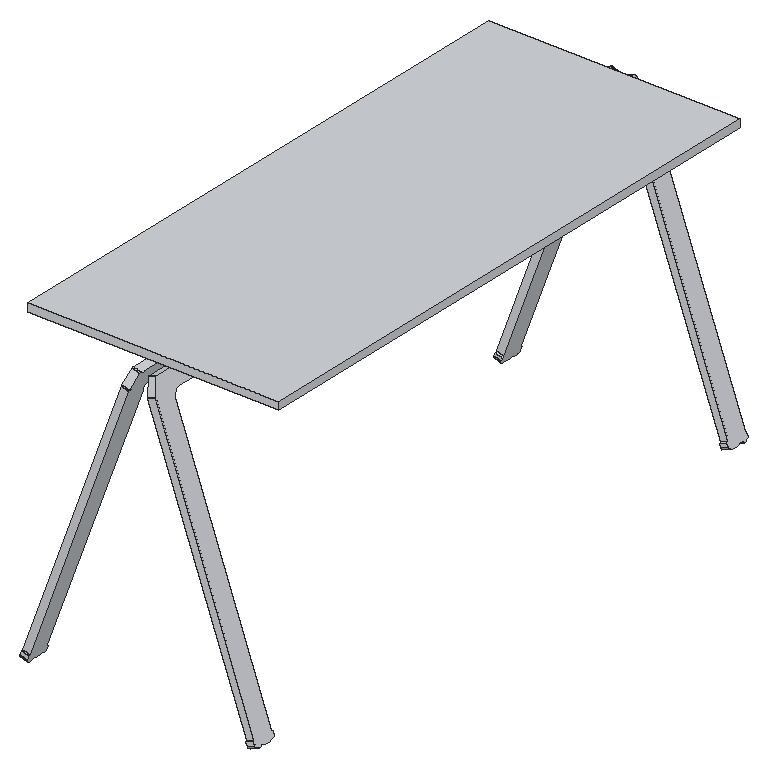
Revit family "Yuno_020118", category Furniture, Revit 2016
Family settings
  OmniClass Number = 23.40.20.00
  OmniClass Title = General Furniture and Specialties
  Work Plane-Based = No
  Always vertical = Yes
  Cut with Voids When Loaded = No
  Shared = No
  Room Calculation Point = No
Parameters (values of type "Yuno TT1")
  URL = "http://bernhardtdesign.com/product/yuno/"
  Type Width = 1
  Type Power = 0
  Type Depth = 1
  Top Width = if(Type Width = 1, 4' 7", 5' 3")  # 4' - 7"
  Top Depth = if(Type Depth = 1, 2' 0", 2' 6")  # 2' - 0"
  Tabletop Finish [instance] = none
  Single Power Module = if(Type Power = 1, 1 = 1, 1 = 2)  # no
  SKU = "Yuno TT1"
  Module Offset = 0' - 3 3/8"  # constant formula
  Model = "Yuno"
  Manufacturer = "Bernhardt Design"  # constant formula
  Legs Outside Width = if(Type Width = 1, 2' 5 3/4", 2' 9 3/4")  # 2' - 5 3/4"
  Frame Inside Width = if(Type Width = 1, 2' 1 1/4", 2' 5 1/4")  # 2' - 1 1/4"
  Frame Finish [instance] = none
  Double Power/USB Module = if(Type Power = 2, 1 = 1, 1 = 2)  # no
  Copyright © = "Copyright © Bernhardt Design"  # constant formula
  Catalog [instance] = SKU  # "Yuno TT1"
  Beam Width = Frame Inside Width - 0' 0 7/8"  # 2' - 0 3/8"
  Authoring Version = "Autodesk Revit 2016"  # constant formula
Types (21): name | Type Width | Type Power | Type Depth | Top Width | Top Depth | Single Power Module | SKU | Legs Outside Width | Frame Inside Width | Double Power/USB Module | Catalog | Beam Width
  (no name) | 1 | 0 | 1 | 4' - 7" | 2' - 0" | no | "Yuno TT1" | 2' - 5 3/4" | 2' - 1 1/4" | no | "Yuno TT1" | 2' - 0 3/8"
  Yuno TT1 | 1 | 0 | 1 | 4' - 7" | 2' - 0" | no | "Yuno TT1" | 2' - 5 3/4" | 2' - 1 1/4" | no | "Yuno TT1" | 2' - 0 3/8"
  Yuno TT2 | 2 | 0 | 1 | 5' - 3" | 2' - 0" | no | "Yuno TT2" | 2' - 9 3/4" | 2' - 5 1/4" | no | "Yuno TT2" | 2' - 4 3/8"
  Yuno TT3 | 1 | 0 | 2 | 4' - 7" | 2' - 6" | no | "Yuno TT3" | 2' - 5 3/4" | 2' - 1 1/4" | no | "Yuno TT3" | 2' - 0 3/8"
  Yuno TT4 | 2 | 0 | 2 | 5' - 3" | 2' - 6" | no | "Yuno TT4" | 2' - 9 3/4" | 2' - 5 1/4" | no | "Yuno TT4" | 2' - 4 3/8"
  Yuno AT1 | 1 | 1 | 1 | 4' - 7" | 2' - 0" | yes | "Yuno AT1" | 2' - 5 3/4" | 2' - 1 1/4" | no | "Yuno AT1" | 2' - 0 3/8"
  Yuno AT2 | 2 | 1 | 1 | 5' - 3" | 2' - 0" | yes | "Yuno AT2" | 2' - 9 3/4" | 2' - 5 1/4" | no | "Yuno AT2" | 2' - 4 3/8"
  Yuno AT3 | 1 | 1 | 2 | 4' - 7" | 2' - 6" | yes | "Yuno AT3" | 2' - 5 3/4" | 2' - 1 1/4" | no | "Yuno AT3" | 2' - 0 3/8"
  Yuno AT4 | 2 | 1 | 2 | 5' - 3" | 2' - 6" | yes | "Yuno AT4" | 2' - 9 3/4" | 2' - 5 1/4" | no | "Yuno AT4" | 2' - 4 3/8"
  Yuno BT1 | 1 | 1 | 1 | 4' - 7" | 2' - 0" | yes | "Yuno BT1" | 2' - 5 3/4" | 2' - 1 1/4" | no | "Yuno BT1" | 2' - 0 3/8"
  Yuno BT2 | 2 | 1 | 1 | 5' - 3" | 2' - 0" | yes | "Yuno BT2" | 2' - 9 3/4" | 2' - 5 1/4" | no | "Yuno BT2" | 2' - 4 3/8"
  Yuno BT3 | 1 | 1 | 2 | 4' - 7" | 2' - 6" | yes | "Yuno BT3" | 2' - 5 3/4" | 2' - 1 1/4" | no | "Yuno BT3" | 2' - 0 3/8"
  Yuno BT4 | 2 | 1 | 2 | 5' - 3" | 2' - 6" | yes | "Yuno BT4" | 2' - 9 3/4" | 2' - 5 1/4" | no | "Yuno BT4" | 2' - 4 3/8"
  Yuno CT1 | 1 | 2 | 1 | 4' - 7" | 2' - 0" | no | "Yuno CT1" | 2' - 5 3/4" | 2' - 1 1/4" | yes | "Yuno CT1" | 2' - 0 3/8"
  Yuno CT2 | 2 | 2 | 1 | 5' - 3" | 2' - 0" | no | "Yuno CT2" | 2' - 9 3/4" | 2' - 5 1/4" | yes | "Yuno CT2" | 2' - 4 3/8"
  Yuno CT3 | 1 | 2 | 2 | 4' - 7" | 2' - 6" | no | "Yuno CT3" | 2' - 5 3/4" | 2' - 1 1/4" | yes | "Yuno CT3" | 2' - 0 3/8"
  Yuno CT4 | 2 | 2 | 2 | 5' - 3" | 2' - 6" | no | "Yuno CT4" | 2' - 9 3/4" | 2' - 5 1/4" | yes | "Yuno CT4" | 2' - 4 3/8"
  Yuno DT1 | 1 | 2 | 1 | 4' - 7" | 2' - 0" | no | "Yuno DT1" | 2' - 5 3/4" | 2' - 1 1/4" | yes | "Yuno DT1" | 2' - 0 3/8"
  Yuno DT2 | 2 | 2 | 1 | 5' - 3" | 2' - 0" | no | "Yuno DT2" | 2' - 9 3/4" | 2' - 5 1/4" | yes | "Yuno DT2" | 2' - 4 3/8"
  Yuno DT3 | 1 | 2 | 2 | 4' - 7" | 2' - 6" | no | "Yuno DT3" | 2' - 5 3/4" | 2' - 1 1/4" | yes | "Yuno DT3" | 2' - 0 3/8"
  Yuno DT4 | 2 | 2 | 2 | 5' - 3" | 2' - 6" | no | "Yuno DT4" | 2' - 9 3/4" | 2' - 5 1/4" | yes | "Yuno DT4" | 2' - 4 3/8"
Reference planes (in)
  plane 1 "Center Front/Back": y = 0
  plane 2: z = 0
  plane 3 "Center Left/Right": x = 0
Forms (in)
  Extrusion 1, solid, material <- "Frame Finish"
    sketch origin (2.038, 0, 26.76212) x (0.34202, 0, -0.939693) y (0, -1, 0)
      loop
        line (27.94356, 29.8781) -> (27.5625, 29.8781) -> (27.4344, 29.75) -> (-0.08289, 29.75)
        arc (-0.08289, 29.75) -> (-0.11092, 29.74682) -> (-0.13753, 29.73743) r 0.125
        line (-0.13753, 29.73743) -> (-1.55463, 29.0488)
        arc (-1.55463, 29.0488) -> (-1.60596, 29.00269) -> (-1.625, 28.93638) r 0.125
        line (-1.625, 28.93638) -> (-1.625, 25.25) -> (0, 25.25) -> (0, 26.8812)
        arc (0, 26.8812) -> (0.25628, 27.49992) -> (0.875, 27.7562) r 0.875
        line (0.875, 27.7562) -> (27.4344, 27.7562) -> (27.5625, 27.6281) -> (27.94356, 27.6281)
        arc (27.94356, 27.6281) -> (28.03194, 27.66471) -> (28.06856, 27.7531) r 0.125
        line (28.06856, 27.7531) -> (28.06856, 27.80951)
        arc (28.06856, 27.80951) -> (28.20482, 28.37201) -> (28.06856, 28.93451) r 1.2291
        line (28.06856, 28.93451) -> (28.06856, 29.19852)
        arc (28.06856, 29.19852) -> (28.20667, 29.44852) -> (28.06856, 29.69852) r 0.29531
        line (28.06856, 29.69852) -> (28.06856, 29.7531)
        arc (28.06856, 29.7531) -> (28.03194, 29.84149) -> (27.94356, 29.8781) r 0.125
    from 0 to 0.75
  Extrusion 2, solid, material <- "Frame Finish"
    sketch origin (0.4375, -25.25, 35.73483) x (0, 0, -1) y (1, 0, 0)
      loop
        line (7.35983, -8.6928) -> (7.62897, -8.6928)
        arc (7.62897, -8.6928) -> (7.70975, -8.66319) -> (7.75226, -8.58838) r 0.125
        line (7.75226, -8.58838) -> (8.85983, -1.95318) -> (8.85983, 1.95771) -> (7.75227, 8.5884)
        arc (7.75227, 8.5884) -> (7.70976, 8.66319) -> (7.62898, 8.6928) r 0.125
        line (7.62898, 8.6928) -> (7.35983, 8.6928) -> (7.35983, -8.6928)
    from 0 to -0.875
  Extrusion 3, solid, material <- "Tabletop Finish"
    sketch origin (0, -29.50764, 29.125) x (1, 0, 0) y (0, -1, 0)
      loop
        line (-12, -57.00764) -> (12, -57.00764) -> (12, -2.00764) -> (-12, -2.00764) -> (-12, -57.00764)
    from 0 to 0.75
  Extrusion 4, solid, material <- "Frame Finish"
    sketch origin (-0.4375, 25.25, 35.73483) x (0, 0, -1) y (1, 0, 0)
      loop
        line (7.35983, -8.6928) -> (7.62897, -8.6928)
        arc (7.62897, -8.6928) -> (7.70975, -8.66319) -> (7.75226, -8.58838) r 0.125
        line (7.75226, -8.58838) -> (8.85983, -1.95318) -> (8.85983, 1.95771) -> (7.75227, 8.5884)
        arc (7.75227, 8.5884) -> (7.70976, 8.66319) -> (7.62898, 8.6928) r 0.125
        line (7.62898, 8.6928) -> (7.35983, 8.6928) -> (7.35983, -8.6928)
    from 0 to 0.875
  Extrusion 5, solid, material <- "Frame Finish"
    sketch origin (1.24653, 0, 26.74382) x (0.34202, 0, -0.939693) y (0, -1, 0)
      loop
        arc (27.92408, -29.8781) -> (28.01247, -29.84149) -> (28.04908, -29.7531) r 0.125
        line (28.04908, -29.7531) -> (28.04908, -29.69852)
        arc (28.04908, -29.69852) -> (28.1872, -29.44852) -> (28.04908, -29.19852) r 0.29531
        line (28.04908, -29.19852) -> (28.04908, -28.93451)
        arc (28.04908, -28.93451) -> (28.18535, -28.37201) -> (28.04908, -27.80951) r 1.2291
        line (28.04908, -27.80951) -> (28.04908, -27.7531)
        arc (28.04908, -27.7531) -> (28.01247, -27.66471) -> (27.92408, -27.6281) r 0.125
        line (27.92408, -27.6281) -> (27.54303, -27.6281) -> (27.41493, -27.7562) -> (0.85553, -27.7562)
        arc (0.85553, -27.7562) -> (0.23681, -27.49992) -> (-0.01947, -26.8812) r 0.875
        line (-0.01947, -26.8812) -> (-0.01947, -25.25) -> (-1.64447, -25.25) -> (-1.64447, -28.93638)
        arc (-1.64447, -28.93638) -> (-1.62543, -29.00269) -> (-1.5741, -29.0488) r 0.125
        line (-1.5741, -29.0488) -> (-0.157, -29.73743)
        arc (-0.157, -29.73743) -> (-0.1304, -29.74682) -> (-0.10237, -29.75) r 0.125
        line (-0.10237, -29.75) -> (27.41493, -29.75) -> (27.54303, -29.8781) -> (27.92408, -29.8781)
    from 0 to 0.75
  Extrusion 6, solid, material <- "Frame Finish"
    sketch origin (-0.53666, 0, 26.50131) x (-0.34202, 0, -0.939693) y (0, -1, 0)
      loop
        line (27.94356, 29.8781) -> (27.5625, 29.8781) -> (27.4344, 29.75) -> (-0.08289, 29.75)
        arc (-0.08289, 29.75) -> (-0.11092, 29.74682) -> (-0.13753, 29.73743) r 0.125
        line (-0.13753, 29.73743) -> (-1.55463, 29.0488)
        arc (-1.55463, 29.0488) -> (-1.60596, 29.00269) -> (-1.625, 28.93638) r 0.125
        line (-1.625, 28.93638) -> (-1.625, 25.25) -> (0, 25.25) -> (0, 26.8812)
        arc (0, 26.8812) -> (0.25628, 27.49992) -> (0.875, 27.7562) r 0.875
        line (0.875, 27.7562) -> (27.4344, 27.7562) -> (27.5625, 27.6281) -> (27.94356, 27.6281)
        arc (27.94356, 27.6281) -> (28.03194, 27.66471) -> (28.06856, 27.7531) r 0.125
        line (28.06856, 27.7531) -> (28.06856, 27.80951)
        arc (28.06856, 27.80951) -> (28.20482, 28.37201) -> (28.06856, 28.93451) r 1.2291
        line (28.06856, 28.93451) -> (28.06856, 29.19852)
        arc (28.06856, 29.19852) -> (28.20667, 29.44852) -> (28.06856, 29.69852) r 0.29531
        line (28.06856, 29.69852) -> (28.06856, 29.7531)
        arc (28.06856, 29.7531) -> (28.03194, 29.84149) -> (27.94356, 29.8781) r 0.125
    from 0 to 0.75
  Extrusion 7, solid, material <- "Frame Finish"
    sketch origin (-1.33885, 0, 26.49016) x (-0.34202, 0, -0.939693) y (0, -1, 0)
      loop
        arc (27.92408, -29.8781) -> (28.01247, -29.84149) -> (28.04908, -29.7531) r 0.125
        line (28.04908, -29.7531) -> (28.04908, -29.69852)
        arc (28.04908, -29.69852) -> (28.1872, -29.44852) -> (28.04908, -29.19852) r 0.29531
        line (28.04908, -29.19852) -> (28.04908, -28.93451)
        arc (28.04908, -28.93451) -> (28.18535, -28.37201) -> (28.04908, -27.80951) r 1.2291
        line (28.04908, -27.80951) -> (28.04908, -27.7531)
        arc (28.04908, -27.7531) -> (28.01247, -27.66471) -> (27.92408, -27.6281) r 0.125
        line (27.92408, -27.6281) -> (27.54303, -27.6281) -> (27.41493, -27.7562) -> (0.85553, -27.7562)
        arc (0.85553, -27.7562) -> (0.23681, -27.49992) -> (-0.01947, -26.8812) r 0.875
        line (-0.01947, -26.8812) -> (-0.01947, -25.25) -> (-1.64447, -25.25) -> (-1.64447, -28.93638)
        arc (-1.64447, -28.93638) -> (-1.62543, -29.00269) -> (-1.5741, -29.0488) r 0.125
        line (-1.5741, -29.0488) -> (-0.157, -29.73743)
        arc (-0.157, -29.73743) -> (-0.1304, -29.74682) -> (-0.10237, -29.75) r 0.125
        line (-0.10237, -29.75) -> (27.41493, -29.75) -> (27.54303, -29.8781) -> (27.92408, -29.8781)
    from 0 to 0.75
  Extrusion 8, solid, material <- "Frame Finish"
    sketch origin (0, 0, -3.37061) x (0, 0, 1) y (-1, 0, 0)
      loop
        arc (31.74561, 0.1875) -> (31.709, 0.27589) -> (31.62061, 0.3125) r 0.125
        line (31.62061, 0.3125) -> (30.74561, 0.3125)
        arc (30.74561, 0.3125) -> (30.65722, 0.27589) -> (30.62061, 0.1875) r 0.125
        line (30.62061, 0.1875) -> (30.62061, -0.1875)
        arc (30.62061, -0.1875) -> (30.65722, -0.27589) -> (30.74561, -0.3125) r 0.125
        line (30.74561, -0.3125) -> (31.62061, -0.3125)
        arc (31.62061, -0.3125) -> (31.709, -0.27589) -> (31.74561, -0.1875) r 0.125
        line (31.74561, -0.1875) -> (31.74561, 0.1875)
    from -24.375 to 24.375
  Extrusion 9, solid, material "Black Plasic", visible <- "Single Power Module"
    sketch origin (10.875, -20.27802, 0) x (0, 1, 0) y (0, 0, 1)
      loop
        line (18.02701, 28.375) -> (18.02701, 28.25) -> (18.54712, 28.25)
        arc (18.54712, 28.25) -> (18.62747, 28.22076) -> (18.67022, 28.14671) r 0.125
        line (18.67022, 28.14671) -> (18.87625, 26.97829)
        arc (18.87625, 26.97829) -> (18.919, 26.90424) -> (18.99935, 26.875) r 0.125
        line (18.99935, 26.875) -> (21.5567, 26.875)
        arc (21.5567, 26.875) -> (21.63705, 26.90424) -> (21.6798, 26.97829) r 0.125
        line (21.6798, 26.97829) -> (21.88582, 28.14671)
        arc (21.88582, 28.14671) -> (21.92857, 28.22076) -> (22.00892, 28.25) r 0.125
        line (22.00892, 28.25) -> (22.52701, 28.25) -> (22.52701, 28.375) -> (18.02701, 28.375)
      loop
        arc (19.12435, 28.17097) -> (19.03596, 28.13435) -> (18.99935, 28.04597) r 0.125
        line (18.99935, 28.04597) -> (18.99935, 27.16393)
        arc (18.99935, 27.16393) -> (19.03596, 27.07554) -> (19.12435, 27.03893) r 0.125
        line (19.12435, 27.03893) -> (20.00842, 27.03893)
        arc (20.00842, 27.03893) -> (20.09681, 27.07554) -> (20.13342, 27.16393) r 0.125
        line (20.13342, 27.16393) -> (20.13342, 28.04597)
        arc (20.13342, 28.04597) -> (20.09681, 28.13435) -> (20.00842, 28.17097) r 0.125
        line (20.00842, 28.17097) -> (19.12435, 28.17097)
      loop
        arc (20.54762, 28.16537) -> (20.45923, 28.12876) -> (20.42262, 28.04037) r 0.125
        line (20.42262, 28.04037) -> (20.42262, 27.15834)
        arc (20.42262, 27.15834) -> (20.45923, 27.06995) -> (20.54762, 27.03334) r 0.125
        line (20.54762, 27.03334) -> (21.4317, 27.03334)
        arc (21.4317, 27.03334) -> (21.52009, 27.06995) -> (21.5567, 27.15834) r 0.125
        line (21.5567, 27.15834) -> (21.5567, 28.04037)
        arc (21.5567, 28.04037) -> (21.52009, 28.12876) -> (21.4317, 28.16537) r 0.125
        line (21.4317, 28.16537) -> (20.54762, 28.16537)
      loop
        arc (20.00842, 27.07018) -> (20.07472, 27.09764) -> (20.10217, 27.16393) r 0.09375
        line (20.10217, 27.16393) -> (20.10217, 28.04597)
        arc (20.10217, 28.04597) -> (20.07472, 28.11226) -> (20.00842, 28.13972) r 0.09375
        line (20.00842, 28.13972) -> (19.12435, 28.13972)
        arc (19.12435, 28.13972) -> (19.05806, 28.11226) -> (19.0306, 28.04597) r 0.09375
        line (19.0306, 28.04597) -> (19.0306, 27.16393)
        arc (19.0306, 27.16393) -> (19.05806, 27.09764) -> (19.12435, 27.07018) r 0.09375
        line (19.12435, 27.07018) -> (20.00842, 27.07018)
      loop
        arc (20.45387, 27.15834) -> (20.48133, 27.09205) -> (20.54762, 27.06459) r 0.09375
        line (20.54762, 27.06459) -> (21.4317, 27.06459)
        arc (21.4317, 27.06459) -> (21.49799, 27.09205) -> (21.52545, 27.15834) r 0.09375
        line (21.52545, 27.15834) -> (21.52545, 28.04037)
        arc (21.52545, 28.04037) -> (21.49799, 28.10666) -> (21.4317, 28.13412) r 0.09375
        line (21.4317, 28.13412) -> (20.54762, 28.13412)
        arc (20.54762, 28.13412) -> (20.48133, 28.10666) -> (20.45387, 28.04037) r 0.09375
        line (20.45387, 28.04037) -> (20.45387, 27.15834)
      loop
        line (19.19031, 27.9079) -> (19.19031, 27.76539) -> (19.51597, 27.76539) -> (19.51597, 27.9079) -> (19.19031, 27.9079)
      loop
        line (19.19031, 27.44138) -> (19.19031, 27.29887) -> (19.5921, 27.29887) -> (19.5921, 27.44138) -> (19.19031, 27.44138)
      loop
        arc (19.85889, 27.70645) -> (19.75739, 27.60495) -> (19.85889, 27.50345) r 0.1015
        line (19.85889, 27.50345) -> (19.94771, 27.50345) -> (19.94771, 27.70645) -> (19.85889, 27.70645)
      loop
        line (20.61358, 27.9079) -> (20.61358, 27.76539) -> (20.93924, 27.76539) -> (20.93924, 27.9079) -> (20.61358, 27.9079)
      loop
        line (20.61358, 27.44138) -> (20.61358, 27.29887) -> (21.01537, 27.29887) -> (21.01537, 27.44138) -> (20.61358, 27.44138)
      loop
        arc (21.28217, 27.70645) -> (21.18067, 27.60495) -> (21.28217, 27.50345) r 0.1015
        line (21.28217, 27.50345) -> (21.37098, 27.50345) -> (21.37098, 27.70645) -> (21.28217, 27.70645)
    from 0 to -3.5
  Extrusion 10, solid, material "Black Plasic", visible <- "Double Power/USB Module"
    sketch origin (10.875, -42.15201, 0) x (0, 1, 0) y (0, 0, 1)
      loop
        line (18.02701, 28.375) -> (18.02701, 28.25) -> (18.54712, 28.25)
        arc (18.54712, 28.25) -> (18.62747, 28.22076) -> (18.67022, 28.14671) r 0.125
        line (18.67022, 28.14671) -> (18.87625, 26.97829)
        arc (18.87625, 26.97829) -> (18.919, 26.90424) -> (18.99935, 26.875) r 0.125
        line (18.99935, 26.875) -> (21.5567, 26.875)
        arc (21.5567, 26.875) -> (21.63705, 26.90424) -> (21.6798, 26.97829) r 0.125
        line (21.6798, 26.97829) -> (21.88582, 28.14671)
        arc (21.88582, 28.14671) -> (21.92857, 28.22076) -> (22.00892, 28.25) r 0.125
        line (22.00892, 28.25) -> (22.52701, 28.25) -> (22.52701, 28.375) -> (18.02701, 28.375)
      loop
        arc (19.12435, 28.17097) -> (19.03596, 28.13435) -> (18.99935, 28.04597) r 0.125
        line (18.99935, 28.04597) -> (18.99935, 27.16393)
        arc (18.99935, 27.16393) -> (19.03596, 27.07554) -> (19.12435, 27.03893) r 0.125
        line (19.12435, 27.03893) -> (20.00842, 27.03893)
        arc (20.00842, 27.03893) -> (20.09681, 27.07554) -> (20.13342, 27.16393) r 0.125
        line (20.13342, 27.16393) -> (20.13342, 28.04597)
        arc (20.13342, 28.04597) -> (20.09681, 28.13435) -> (20.00842, 28.17097) r 0.125
        line (20.00842, 28.17097) -> (19.12435, 28.17097)
      loop
        arc (20.54762, 28.16537) -> (20.45923, 28.12876) -> (20.42262, 28.04037) r 0.125
        line (20.42262, 28.04037) -> (20.42262, 27.15834)
        arc (20.42262, 27.15834) -> (20.45923, 27.06995) -> (20.54762, 27.03334) r 0.125
        line (20.54762, 27.03334) -> (21.4317, 27.03334)
        arc (21.4317, 27.03334) -> (21.52009, 27.06995) -> (21.5567, 27.15834) r 0.125
        line (21.5567, 27.15834) -> (21.5567, 28.04037)
        arc (21.5567, 28.04037) -> (21.52009, 28.12876) -> (21.4317, 28.16537) r 0.125
        line (21.4317, 28.16537) -> (20.54762, 28.16537)
      loop
        arc (20.00842, 27.07018) -> (20.07472, 27.09764) -> (20.10217, 27.16393) r 0.09375
        line (20.10217, 27.16393) -> (20.10217, 28.04597)
        arc (20.10217, 28.04597) -> (20.07472, 28.11226) -> (20.00842, 28.13972) r 0.09375
        line (20.00842, 28.13972) -> (19.12435, 28.13972)
        arc (19.12435, 28.13972) -> (19.05806, 28.11226) -> (19.0306, 28.04597) r 0.09375
        line (19.0306, 28.04597) -> (19.0306, 27.16393)
        arc (19.0306, 27.16393) -> (19.05806, 27.09764) -> (19.12435, 27.07018) r 0.09375
        line (19.12435, 27.07018) -> (20.00842, 27.07018)
      loop
        arc (20.45387, 27.15834) -> (20.48133, 27.09205) -> (20.54762, 27.06459) r 0.09375
        line (20.54762, 27.06459) -> (21.4317, 27.06459)
        arc (21.4317, 27.06459) -> (21.49799, 27.09205) -> (21.52545, 27.15834) r 0.09375
        line (21.52545, 27.15834) -> (21.52545, 28.04037)
        arc (21.52545, 28.04037) -> (21.49799, 28.10666) -> (21.4317, 28.13412) r 0.09375
        line (21.4317, 28.13412) -> (20.54762, 28.13412)
        arc (20.54762, 28.13412) -> (20.48133, 28.10666) -> (20.45387, 28.04037) r 0.09375
        line (20.45387, 28.04037) -> (20.45387, 27.15834)
      loop
        line (19.19031, 27.9079) -> (19.19031, 27.76539) -> (19.51597, 27.76539) -> (19.51597, 27.9079) -> (19.19031, 27.9079)
      loop
        line (19.19031, 27.44138) -> (19.19031, 27.29887) -> (19.5921, 27.29887) -> (19.5921, 27.44138) -> (19.19031, 27.44138)
      loop
        arc (19.85889, 27.70645) -> (19.75739, 27.60495) -> (19.85889, 27.50345) r 0.1015
        line (19.85889, 27.50345) -> (19.94771, 27.50345) -> (19.94771, 27.70645) -> (19.85889, 27.70645)
      loop
        arc (20.64411, 27.92595) -> (20.62201, 27.9168) -> (20.61286, 27.8947) r 0.03125
        line (20.61286, 27.8947) -> (20.61286, 27.30401)
        arc (20.61286, 27.30401) -> (20.62201, 27.28191) -> (20.64411, 27.27276) r 0.03125
        line (20.64411, 27.27276) -> (20.83446, 27.27276)
        arc (20.83446, 27.27276) -> (20.85656, 27.28191) -> (20.86571, 27.30401) r 0.03125
        line (20.86571, 27.30401) -> (20.86571, 27.8947)
        arc (20.86571, 27.8947) -> (20.85656, 27.9168) -> (20.83446, 27.92595) r 0.03125
        line (20.83446, 27.92595) -> (20.64411, 27.92595)
      loop
        arc (21.07127, 27.92595) -> (21.04918, 27.9168) -> (21.04002, 27.8947) r 0.03125
        line (21.04002, 27.8947) -> (21.04002, 27.30401)
        arc (21.04002, 27.30401) -> (21.04918, 27.28191) -> (21.07127, 27.27276) r 0.03125
        line (21.07127, 27.27276) -> (21.26163, 27.27276)
        arc (21.26163, 27.27276) -> (21.28373, 27.28191) -> (21.29288, 27.30401) r 0.03125
        line (21.29288, 27.30401) -> (21.29288, 27.8947)
        arc (21.29288, 27.8947) -> (21.28373, 27.9168) -> (21.26163, 27.92595) r 0.03125
        line (21.26163, 27.92595) -> (21.07127, 27.92595)
      loop
        line (20.65192, 27.31963) -> (20.74567, 27.31963) -> (20.74567, 27.87908) -> (20.65192, 27.87908) -> (20.65192, 27.31963)
      loop
        line (21.07909, 27.31963) -> (21.17284, 27.31963) -> (21.17284, 27.87908) -> (21.07909, 27.87908) -> (21.07909, 27.31963)
    from 0 to -3.5
  Extrusion 11, solid, material "Black Plasic", visible <- "Double Power/USB Module"
    sketch origin (10.875, -2.90201, 0) x (0, 1, 0) y (0, 0, 1)
      loop
        line (22.52701, 28.375) -> (22.52701, 28.25) -> (23.04712, 28.25)
        arc (23.04712, 28.25) -> (23.12747, 28.22076) -> (23.17022, 28.14671) r 0.125
        line (23.17022, 28.14671) -> (23.37625, 26.97829)
        arc (23.37625, 26.97829) -> (23.419, 26.90424) -> (23.49935, 26.875) r 0.125
        line (23.49935, 26.875) -> (26.0567, 26.875)
        arc (26.0567, 26.875) -> (26.13705, 26.90424) -> (26.1798, 26.97829) r 0.125
        line (26.1798, 26.97829) -> (26.38582, 28.14671)
        arc (26.38582, 28.14671) -> (26.42857, 28.22076) -> (26.50892, 28.25) r 0.125
        line (26.50892, 28.25) -> (27.02701, 28.25) -> (27.02701, 28.375) -> (22.52701, 28.375)
      loop
        arc (23.62435, 28.17097) -> (23.53596, 28.13435) -> (23.49935, 28.04597) r 0.125
        line (23.49935, 28.04597) -> (23.49935, 27.16393)
        arc (23.49935, 27.16393) -> (23.53596, 27.07554) -> (23.62435, 27.03893) r 0.125
        line (23.62435, 27.03893) -> (24.50842, 27.03893)
        arc (24.50842, 27.03893) -> (24.59681, 27.07554) -> (24.63342, 27.16393) r 0.125
        line (24.63342, 27.16393) -> (24.63342, 28.04597)
        arc (24.63342, 28.04597) -> (24.59681, 28.13435) -> (24.50842, 28.17097) r 0.125
        line (24.50842, 28.17097) -> (23.62435, 28.17097)
      loop
        arc (25.04762, 28.16537) -> (24.95923, 28.12876) -> (24.92262, 28.04037) r 0.125
        line (24.92262, 28.04037) -> (24.92262, 27.15834)
        arc (24.92262, 27.15834) -> (24.95923, 27.06995) -> (25.04762, 27.03334) r 0.125
        line (25.04762, 27.03334) -> (25.9317, 27.03334)
        arc (25.9317, 27.03334) -> (26.02009, 27.06995) -> (26.0567, 27.15834) r 0.125
        line (26.0567, 27.15834) -> (26.0567, 28.04037)
        arc (26.0567, 28.04037) -> (26.02009, 28.12876) -> (25.9317, 28.16537) r 0.125
        line (25.9317, 28.16537) -> (25.04762, 28.16537)
      loop
        arc (24.50842, 27.07018) -> (24.57472, 27.09764) -> (24.60217, 27.16393) r 0.09375
        line (24.60217, 27.16393) -> (24.60217, 28.04597)
        arc (24.60217, 28.04597) -> (24.57472, 28.11226) -> (24.50842, 28.13972) r 0.09375
        line (24.50842, 28.13972) -> (23.62435, 28.13972)
        arc (23.62435, 28.13972) -> (23.55806, 28.11226) -> (23.5306, 28.04597) r 0.09375
        line (23.5306, 28.04597) -> (23.5306, 27.16393)
        arc (23.5306, 27.16393) -> (23.55806, 27.09764) -> (23.62435, 27.07018) r 0.09375
        line (23.62435, 27.07018) -> (24.50842, 27.07018)
      loop
        arc (24.95387, 27.15834) -> (24.98133, 27.09205) -> (25.04762, 27.06459) r 0.09375
        line (25.04762, 27.06459) -> (25.9317, 27.06459)
        arc (25.9317, 27.06459) -> (25.99799, 27.09205) -> (26.02545, 27.15834) r 0.09375
        line (26.02545, 27.15834) -> (26.02545, 28.04037)
        arc (26.02545, 28.04037) -> (25.99799, 28.10666) -> (25.9317, 28.13412) r 0.09375
        line (25.9317, 28.13412) -> (25.04762, 28.13412)
        arc (25.04762, 28.13412) -> (24.98133, 28.10666) -> (24.95387, 28.04037) r 0.09375
        line (24.95387, 28.04037) -> (24.95387, 27.15834)
      loop
        line (23.69031, 27.9079) -> (23.69031, 27.76539) -> (24.01597, 27.76539) -> (24.01597, 27.9079) -> (23.69031, 27.9079)
      loop
        line (23.69031, 27.44138) -> (23.69031, 27.29887) -> (24.0921, 27.29887) -> (24.0921, 27.44138) -> (23.69031, 27.44138)
      loop
        arc (24.35889, 27.70645) -> (24.25739, 27.60495) -> (24.35889, 27.50345) r 0.1015
        line (24.35889, 27.50345) -> (24.44771, 27.50345) -> (24.44771, 27.70645) -> (24.35889, 27.70645)
      loop
        arc (25.14411, 27.92595) -> (25.12201, 27.9168) -> (25.11286, 27.8947) r 0.03125
        line (25.11286, 27.8947) -> (25.11286, 27.30401)
        arc (25.11286, 27.30401) -> (25.12201, 27.28191) -> (25.14411, 27.27276) r 0.03125
        line (25.14411, 27.27276) -> (25.33446, 27.27276)
        arc (25.33446, 27.27276) -> (25.35656, 27.28191) -> (25.36571, 27.30401) r 0.03125
        line (25.36571, 27.30401) -> (25.36571, 27.8947)
        arc (25.36571, 27.8947) -> (25.35656, 27.9168) -> (25.33446, 27.92595) r 0.03125
        line (25.33446, 27.92595) -> (25.14411, 27.92595)
      loop
        arc (25.57127, 27.92595) -> (25.54918, 27.9168) -> (25.54002, 27.8947) r 0.03125
        line (25.54002, 27.8947) -> (25.54002, 27.30401)
        arc (25.54002, 27.30401) -> (25.54918, 27.28191) -> (25.57127, 27.27276) r 0.03125
        line (25.57127, 27.27276) -> (25.76163, 27.27276)
        arc (25.76163, 27.27276) -> (25.78373, 27.28191) -> (25.79288, 27.30401) r 0.03125
        line (25.79288, 27.30401) -> (25.79288, 27.8947)
        arc (25.79288, 27.8947) -> (25.78373, 27.9168) -> (25.76163, 27.92595) r 0.03125
        line (25.76163, 27.92595) -> (25.57127, 27.92595)
      loop
        line (25.15192, 27.31963) -> (25.24567, 27.31963) -> (25.24567, 27.87908) -> (25.15192, 27.87908) -> (25.15192, 27.31963)
      loop
        line (25.57909, 27.31963) -> (25.67284, 27.31963) -> (25.67284, 27.87908) -> (25.57909, 27.87908) -> (25.57909, 27.31963)
    from 0 to -3.5
Lines and regions (in)
  reference lines
    curve 1: line (0, 0, -12.15372) -> (0, 0, 38.48281)
    curve 2: line (0, -29.50764, 29.125) -> (0, 47.41952, 29.125)
    curve 3: line (0, -25.25, 35.73483) -> (0, -25.25, -9.78154)
    curve 4: line (0, 25.25, 35.73483) -> (0, 25.25, -9.78154)
    curve 5: line (-11.6875, 0, 15.82438) -> (-11.6875, 0, -5.41667)
    curve 6: line (11.6875, 0, 18.02864) -> (11.6875, 0, -6.37853)
    curve 7: line (-0.52648, 0, 33.80797) -> (13.94047, 0, -5.93965)
    curve 8: line (-1.32461, 0, 33.80797) -> (13.14234, 0, -5.93965)
    curve 9: line (2.12274, 0, 33.80797) -> (-12.3442, 0, -5.93965)
    curve 10: line (1.32461, 0, 33.80797) -> (-13.14234, 0, -5.93965)
    curve 11: line (10.875, -34.80881, 0) -> (10.875, 35.49892, 0)
Dimensions and locks (in)
  Extrusion 1 sketch curve to Extrusion 1 sketch curve = 0' - 4 1/2"  (x2)
  Extrusion 1 sketch curve to Extrusion 1 sketch curve = 0' - 1.54211"
  Extrusion 1 sketch curve to Extrusion 1 sketch curve = 0' - 3.68638"
  Extrusion 2 sketch curve to Extrusion 2 sketch curve = 1' - 5.3856"
  Extrusion 2 sketch curve to Extrusion 2 sketch curve = 0' - 0.39244"
  Extrusion 2 sketch curve to Extrusion 2 sketch curve = 0' - 1 1/2"
  Extrusion 2 sketch curve to Extrusion 2 sketch curve = 0' - 6.7351"
  Extrusion 2 sketch curve to Extrusion 2 sketch curve = 0' - 0.26914"
  Extrusion 2 sketch curve to Extrusion 2 sketch curve = 0' - 6.73962"
  "Top Width": Extrusion 3 sketch curve to Extrusion 3 sketch curve
  "Top Depth": Extrusion 3 sketch curve to Extrusion 3 sketch curve
  equal spacing: Extrusion 3 sketch curve, plane 3 "Center Left/Right", Extrusion 3 sketch curve
  Extrusion 4 sketch curve to Extrusion 4 sketch curve = 1' - 5.3856"
  Extrusion 4 sketch curve to Extrusion 4 sketch curve = 0' - 0.39244"
  Extrusion 4 sketch curve to Extrusion 4 sketch curve = 0' - 1 1/2"
  Extrusion 4 sketch curve to Extrusion 4 sketch curve = 0' - 6.7351"
  Extrusion 4 sketch curve to Extrusion 4 sketch curve = 0' - 0.26914"
  Extrusion 4 sketch curve to Extrusion 4 sketch curve = 0' - 6.73962"
  curve 2 to level = 2' - 5 1/8"
  Extrusion 3 to Extrusion 2 = 0' - 2.8697"
  Extrusion 3 to Extrusion 4 = 0' - 2.8697"
  Extrusion 3 to Extrusion 3 = 4' - 7"
  curve 5 to curve 6 = 1' - 11 3/8"
  equal spacing: curve 5, curve 3, curve 6
  Extrusion 5 sketch curve to Extrusion 5 sketch curve = 0' - 4 1/2"  (x2)
  Extrusion 5 sketch curve to Extrusion 5 sketch curve = 0' - 1.54211"
  Extrusion 5 sketch curve to Extrusion 5 sketch curve = 0' - 3.68638"
  Extrusion 1 to Extrusion 3 = 0' - 2 1/4"
  Extrusion 3 to Extrusion 5 = 0' - 2 1/4"
  Extrusion 6 sketch curve to Extrusion 6 sketch curve = 0' - 4 1/2"  (x2)
  Extrusion 6 sketch curve to Extrusion 6 sketch curve = 0' - 1.54211"
  Extrusion 6 sketch curve to Extrusion 6 sketch curve = 0' - 3.68638"
  Extrusion 7 sketch curve to Extrusion 7 sketch curve = 0' - 4 1/2"  (x2)
  Extrusion 7 sketch curve to Extrusion 7 sketch curve = 0' - 1.54211"
  Extrusion 7 sketch curve to Extrusion 7 sketch curve = 0' - 3.68638"
  equal spacing: Extrusion 3 sketch curve, plane 1 "Center Front/Back", Extrusion 3 sketch curve
  "Legs Outside Width": Extrusion 1 to plane 1 "Center Front/Back"
  "Legs Outside Width": Extrusion 5 to plane 1 "Center Front/Back"
  "Legs Outside Width": Extrusion 6 to plane 1 "Center Front/Back"
  "Legs Outside Width": Extrusion 7 to plane 1 "Center Front/Back"
  "Frame Inside Width": Extrusion 4 to plane 1 "Center Front/Back"
  "Frame Inside Width": Extrusion 2 to plane 1 "Center Front/Back"
  locked: Extrusion 2 to Extrusion 2 at 0.875
  locked: Extrusion 4 to Extrusion 4 at 0.875
  Extrusion 1 to Extrusion 5 = 4' - 11 1/2"
  Extrusion 3 to Extrusion 3 = 2' - 0"
  "Beam Width": Extrusion 8 to curve 7  (x2)
  Extrusion 1 to Extrusion 5 = 4' - 7.5124"
  "Module Offset": Extrusion 3 to Extrusion 10
  "Module Offset": Extrusion 11 to Extrusion 3
  Extrusion 11 sketch curve to Extrusion 11 sketch curve = 0' - 4 1/2"
  Extrusion 10 sketch curve to Extrusion 10 sketch curve = 0' - 4 1/2"
  Extrusion 5 sketch curve to Extrusion 5 sketch curve = 0' - 1.9938"
  Extrusion 7 sketch curve to Extrusion 7 sketch curve = 0' - 1.9938"
  aligned and locked: level to plane 2
Automatic sketch dimensions
  curve 7 to Extrusion 1 sketch curve = 0' - 5.87303"
  Extrusion 1 sketch curve to Extrusion 1 sketch curve = 0' - 0.07037"
  Extrusion 1 sketch curve to Extrusion 1 sketch curve = 0' - 0.05463"  (x2)
  Extrusion 1 sketch curve to Extrusion 1 sketch curve = 0' - 1 5/8"
  Extrusion 1 sketch curve to Extrusion 1 sketch curve = 0' - 0 7/8"
  Extrusion 1 sketch curve to curve 7 = 0' - 7.82477"
  Extrusion 1 sketch curve to Extrusion 1 sketch curve = 0' - 0.45868"  (x2)
  Extrusion 1 sketch curve to Extrusion 1 sketch curve = 0' - 0.1281"  (x3)
  Extrusion 1 sketch curve to Extrusion 1 sketch curve = 0' - 0.34886"
  Extrusion 1 sketch curve to Extrusion 1 sketch curve = 0' - 0.38106"  (x2)
  Extrusion 1 sketch curve to Extrusion 1 sketch curve = 0' - 0 1/8"  (x3)
  Extrusion 1 sketch curve to Extrusion 1 sketch curve = 0' - 0.1572"
  curve 7 to Extrusion 1 sketch curve = 2' - 1 1/4"
  Extrusion 1 sketch curve to Extrusion 1 sketch curve = 0' - 1.6312"
  Extrusion 1 sketch curve to Extrusion 1 sketch curve = 0' - 0.05642"
  Extrusion 1 sketch curve to Extrusion 1 sketch curve = 0' - 0.61582"
  Extrusion 1 sketch curve to Extrusion 1 sketch curve = 0' - 0.264"
  Extrusion 1 sketch curve to Extrusion 1 sketch curve = 0' - 0 1/4"
  Extrusion 1 sketch curve to Extrusion 1 sketch curve = 0' - 0.05458"
  plane 3 "Center Left/Right" to curve 11 = 0' - 10 7/8"
  plane 1 "Center Front/Back" to curve 11 = 2' - 10.80881"
  curve 11 to plane 1 "Center Front/Back" = 2' - 11.49892"
  curve 1 to plane 3 "Center Left/Right" = 0' - 0"
  curve 1 to level = 1' - 0.15372"
  curve 9 to level = 0' - 5.93965"
  curve 9 to curve 5 = 0' - 0.6567"
  curve 10 to level = 0' - 5.93965"
  curve 10 to curve 9 = 0' - 0.79813"  (x2)
  curve 8 to plane 3 "Center Left/Right" = 0' - 1.32461"
  curve 7 to plane 3 "Center Left/Right" = 0' - 0.52648"
  plane 3 "Center Left/Right" to curve 10 = 0' - 1.32461"
  curve 8 to level = 0' - 5.93965"
  curve 6 to curve 8 = 0' - 1.45484"
  curve 7 to level = 0' - 5.93965"
  curve 8 to curve 7 = 0' - 0.79813"
  curve 6 to curve 8 = 0' - 0.43888"
  curve 9 to curve 5 = 0' - 0.52298"
  level to curve 5 = 1' - 3.82438"
  level to curve 6 = 1' - 6.02864"
  curve 6 to curve 9 = 1' - 3.77933"
  curve 7 to curve 9 = 0' - 0"
  curve 10 to curve 9 = 0' - 0"
  curve 8 to curve 7 = 0' - 0"
  curve 7 to curve 1 = 0' - 4.67484"
  curve 3 to Extrusion 2 sketch curve = 0' - 7.35983"
  Extrusion 2 sketch curve to Extrusion 2 sketch curve = 0' - 0.12329"  (x2)
  Extrusion 2 sketch curve to curve 3 = 0' - 8.2553"
  Extrusion 2 sketch curve to Extrusion 2 sketch curve = 0' - 0.10442"
  Extrusion 2 sketch curve to Extrusion 2 sketch curve = 0' - 0 1/8"
  curve 4 to Extrusion 4 sketch curve = 0' - 7.35983"
  Extrusion 4 sketch curve to Extrusion 4 sketch curve = 0' - 0.12329"  (x2)
  Extrusion 4 sketch curve to curve 4 = 0' - 9.1303"
  Extrusion 4 sketch curve to Extrusion 4 sketch curve = 0' - 0.10442"
  Extrusion 4 sketch curve to Extrusion 4 sketch curve = 0' - 0 1/8"
  curve 8 to Extrusion 5 sketch curve = 0' - 5.87303"
  Extrusion 5 sketch curve to Extrusion 5 sketch curve = 0' - 0.07037"
  Extrusion 5 sketch curve to Extrusion 5 sketch curve = 0' - 0 1/8"  (x3)
  Extrusion 5 sketch curve to Extrusion 5 sketch curve = 0' - 0.05463"
  Extrusion 5 sketch curve to Extrusion 5 sketch curve = 0' - 1 5/8"
  Extrusion 5 sketch curve to Extrusion 5 sketch curve = 0' - 0 7/8"
  Extrusion 5 sketch curve to curve 8 = 0' - 7.82477"
  Extrusion 5 sketch curve to Extrusion 5 sketch curve = 0' - 0.45868"  (x2)
  Extrusion 5 sketch curve to Extrusion 5 sketch curve = 0' - 0.1281"  (x2)
  Extrusion 5 sketch curve to Extrusion 5 sketch curve = 0' - 0.34886"
  Extrusion 5 sketch curve to Extrusion 5 sketch curve = 0' - 0.38106"  (x2)
  Extrusion 5 sketch curve to Extrusion 5 sketch curve = 0' - 0.1572"
  Extrusion 5 sketch curve to curve 8 = 2' - 5 3/4"
  Extrusion 5 sketch curve to Extrusion 5 sketch curve = 0' - 0.01257"
  Extrusion 5 sketch curve to Extrusion 5 sketch curve = 0' - 0.05458"
  Extrusion 5 sketch curve to Extrusion 5 sketch curve = 0' - 0 1/4"
  Extrusion 5 sketch curve to Extrusion 5 sketch curve = 0' - 0.264"
  Extrusion 5 sketch curve to Extrusion 5 sketch curve = 0' - 0 9/16"
  Extrusion 5 sketch curve to Extrusion 5 sketch curve = 0' - 0.05332"
  Extrusion 5 sketch curve to Extrusion 5 sketch curve = 0' - 0.05642"
  curve 9 to Extrusion 6 sketch curve = 0' - 6.15059"
  Extrusion 6 sketch curve to Extrusion 6 sketch curve = 0' - 0.07037"
  Extrusion 6 sketch curve to Extrusion 6 sketch curve = 0' - 0.05463"  (x2)
  Extrusion 6 sketch curve to Extrusion 6 sketch curve = 0' - 1 5/8"
  Extrusion 6 sketch curve to Extrusion 6 sketch curve = 0' - 0 7/8"
  Extrusion 6 sketch curve to curve 9 = 0' - 7.54722"
  Extrusion 6 sketch curve to Extrusion 6 sketch curve = 0' - 0.45868"  (x2)
  Extrusion 6 sketch curve to Extrusion 6 sketch curve = 0' - 0.1281"  (x3)
  Extrusion 6 sketch curve to Extrusion 6 sketch curve = 0' - 0.34886"
  Extrusion 6 sketch curve to Extrusion 6 sketch curve = 0' - 0.38106"  (x2)
  Extrusion 6 sketch curve to Extrusion 6 sketch curve = 0' - 0 1/8"  (x3)
  Extrusion 6 sketch curve to Extrusion 6 sketch curve = 0' - 0.1572"
  curve 9 to Extrusion 6 sketch curve = 2' - 1 1/4"
  Extrusion 6 sketch curve to Extrusion 6 sketch curve = 0' - 1.6312"
  Extrusion 6 sketch curve to Extrusion 6 sketch curve = 0' - 0.05642"
  Extrusion 6 sketch curve to Extrusion 6 sketch curve = 0' - 0.61582"
  Extrusion 6 sketch curve to Extrusion 6 sketch curve = 0' - 0.264"
  Extrusion 6 sketch curve to Extrusion 6 sketch curve = 0' - 0 1/4"
  Extrusion 6 sketch curve to Extrusion 6 sketch curve = 0' - 0.05458"
  curve 10 to Extrusion 7 sketch curve = 0' - 6.14297"
  Extrusion 7 sketch curve to Extrusion 7 sketch curve = 0' - 0.07037"
  Extrusion 7 sketch curve to Extrusion 7 sketch curve = 0' - 0 1/8"  (x3)
  Extrusion 7 sketch curve to Extrusion 7 sketch curve = 0' - 0.05463"
  Extrusion 7 sketch curve to Extrusion 7 sketch curve = 0' - 1 5/8"
  Extrusion 7 sketch curve to Extrusion 7 sketch curve = 0' - 0 7/8"
  Extrusion 7 sketch curve to curve 10 = 0' - 7.55483"
  Extrusion 7 sketch curve to Extrusion 7 sketch curve = 0' - 0.45868"  (x2)
  Extrusion 7 sketch curve to Extrusion 7 sketch curve = 0' - 0.1281"  (x2)
  Extrusion 7 sketch curve to Extrusion 7 sketch curve = 0' - 0.34886"
  Extrusion 7 sketch curve to Extrusion 7 sketch curve = 0' - 0.38106"  (x2)
  Extrusion 7 sketch curve to Extrusion 7 sketch curve = 0' - 0.1572"
  Extrusion 7 sketch curve to curve 10 = 2' - 5 3/4"
  Extrusion 7 sketch curve to Extrusion 7 sketch curve = 0' - 0.01257"
  Extrusion 7 sketch curve to Extrusion 7 sketch curve = 0' - 0.05458"
  Extrusion 7 sketch curve to Extrusion 7 sketch curve = 0' - 0 1/4"
  Extrusion 7 sketch curve to Extrusion 7 sketch curve = 0' - 0.264"
  Extrusion 7 sketch curve to Extrusion 7 sketch curve = 0' - 0 9/16"
  Extrusion 7 sketch curve to Extrusion 7 sketch curve = 0' - 0.05332"
  Extrusion 7 sketch curve to Extrusion 7 sketch curve = 0' - 0.05642"
  Extrusion 8 sketch curve to curve 1 = 0' - 0 3/16"  (x2)
  Extrusion 8 sketch curve to curve 1 = 0' - 11.23281"
  Extrusion 8 sketch curve to Extrusion 8 sketch curve = 0' - 0 1/8"  (x3)
  Extrusion 8 sketch curve to Extrusion 8 sketch curve = 0' - 0 7/8"
  curve 1 to Extrusion 8 sketch curve = 0' - 0 3/16"
  Extrusion 9 sketch curve to Extrusion 9 sketch curve = 0' - 0"  (x16)
  plane 1 "Center Front/Back" to Extrusion 9 sketch curve = 0' - 2.25101"
  Extrusion 9 sketch curve to Extrusion 9 sketch curve = 0' - 0.52011"
  Extrusion 9 sketch curve to Extrusion 9 sketch curve = 0' - 0.1231"  (x4)
  Extrusion 9 sketch curve to Extrusion 9 sketch curve = 0' - 0.20602"
  Extrusion 9 sketch curve to Extrusion 9 sketch curve = 0' - 0.32912"  (x2)
  Extrusion 9 sketch curve to Extrusion 9 sketch curve = 0' - 0 1/32"  (x2)
  Extrusion 9 sketch curve to Extrusion 9 sketch curve = 0' - 0 3/32"  (x6)
  Extrusion 9 sketch curve to Extrusion 9 sketch curve = 0' - 0.06596"  (x4)
  Extrusion 9 sketch curve to Extrusion 9 sketch curve = 0' - 0.32566"  (x2)
  Extrusion 9 sketch curve to Extrusion 9 sketch curve = 0' - 0.07613"  (x2)
  Extrusion 9 sketch curve to Extrusion 9 sketch curve = 0' - 0.26679"
  Extrusion 9 sketch curve to Extrusion 9 sketch curve = 0' - 0.08882"  (x2)
  plane 1 "Center Front/Back" to Extrusion 9 sketch curve = 0' - 0.2696"  (x2)
  Extrusion 9 sketch curve to plane 1 "Center Front/Back" = 0' - 0.1446"
  Extrusion 9 sketch curve to Extrusion 9 sketch curve = 0' - 0.34292"
  Extrusion 9 sketch curve to Extrusion 9 sketch curve = 0' - 0.06072"  (x2)
  Extrusion 9 sketch curve to Extrusion 9 sketch curve = 0' - 0 1/8"  (x2)
  Extrusion 9 sketch curve to Extrusion 9 sketch curve = 0' - 0.51809"
  level to Extrusion 9 sketch curve = 2' - 2 7/8"
  Extrusion 9 sketch curve to Extrusion 9 sketch curve = 0' - 0.10329"  (x2)
  Extrusion 9 sketch curve to Extrusion 9 sketch curve = 0' - 0.03334"
  Extrusion 9 sketch curve to Extrusion 9 sketch curve = 0' - 0.11941"
  Extrusion 9 sketch curve to Extrusion 9 sketch curve = 0' - 0.14053"
  Extrusion 9 sketch curve to Extrusion 9 sketch curve = 0' - 0.13494"
  Extrusion 9 sketch curve to Extrusion 9 sketch curve = 0' - 0.14251"  (x4)
  Extrusion 9 sketch curve to Extrusion 9 sketch curve = 0' - 0.06207"
  Extrusion 9 sketch curve to Extrusion 9 sketch curve = 0' - 0.34511"
  Extrusion 9 sketch curve to Extrusion 9 sketch curve = 0' - 0.1015"  (x2)
  Extrusion 9 sketch curve to Extrusion 9 sketch curve = 0' - 0.32402"  (x2)
  Extrusion 9 sketch curve to Extrusion 9 sketch curve = 0' - 0.33392"
  Extrusion 9 sketch curve to Extrusion 9 sketch curve = 0' - 0.13807"
  Extrusion 9 sketch curve to Extrusion 9 sketch curve = 0' - 0.08463"
  Extrusion 9 sketch curve to Extrusion 9 sketch curve = 0' - 0.07903"
  Extrusion 9 sketch curve to Extrusion 9 sketch curve = 0' - 0.02171"  (x2)
  Extrusion 10 sketch curve to Extrusion 10 sketch curve = 0' - 0"  (x15)
  plane 1 "Center Front/Back" to Extrusion 10 sketch curve = 2' - 0 1/8"
  Extrusion 10 sketch curve to Extrusion 10 sketch curve = 0' - 0.1231"  (x4)
  Extrusion 10 sketch curve to Extrusion 10 sketch curve = 0' - 0.20602"
  Extrusion 10 sketch curve to Extrusion 10 sketch curve = 0' - 0.32912"  (x2)
  Extrusion 10 sketch curve to Extrusion 10 sketch curve = 0' - 0 1/32"  (x9)
  Extrusion 10 sketch curve to Extrusion 10 sketch curve = 0' - 0 3/32"  (x7)
  Extrusion 10 sketch curve to Extrusion 10 sketch curve = 0' - 0 1/8"  (x3)
  Extrusion 10 sketch curve to Extrusion 10 sketch curve = 0' - 0.06596"  (x2)
  Extrusion 10 sketch curve to Extrusion 10 sketch curve = 0' - 0.32566"
  Extrusion 10 sketch curve to Extrusion 10 sketch curve = 0' - 0.40179"
  Extrusion 10 sketch curve to Extrusion 10 sketch curve = 0' - 0.26679"
  Extrusion 10 sketch curve to Extrusion 10 sketch curve = 0' - 0.08882"
  Extrusion 10 sketch curve to Extrusion 10 sketch curve = 0' - 0.06072"  (x2)
  Extrusion 10 sketch curve to Extrusion 10 sketch curve = 0' - 0.28919"
  Extrusion 10 sketch curve to Extrusion 10 sketch curve = 0' - 0.06524"
  Extrusion 10 sketch curve to Extrusion 10 sketch curve = 0' - 0 1/128"  (x2)
  Extrusion 10 sketch curve to Extrusion 10 sketch curve = 0' - 0.08879"  (x4)
  Extrusion 10 sketch curve to Extrusion 10 sketch curve = 0' - 0.17431"
  Extrusion 10 sketch curve to Extrusion 10 sketch curve = 0' - 0.13882"
  Extrusion 10 sketch curve to Extrusion 10 sketch curve = 0' - 0.17007"
  Extrusion 10 sketch curve to Extrusion 10 sketch curve = 0' - 0.51809"
  level to Extrusion 10 sketch curve = 2' - 2 7/8"
  Extrusion 10 sketch curve to Extrusion 10 sketch curve = 0' - 0.10329"  (x2)
  Extrusion 10 sketch curve to Extrusion 10 sketch curve = 0' - 0.03334"
  Extrusion 10 sketch curve to Extrusion 10 sketch curve = 0' - 0.03893"
  Extrusion 10 sketch curve to Extrusion 10 sketch curve = 0' - 0.11442"
  Extrusion 10 sketch curve to Extrusion 10 sketch curve = 0' - 0.13494"
  Extrusion 10 sketch curve to Extrusion 10 sketch curve = 0' - 0 1/64"  (x4)
  Extrusion 10 sketch curve to Extrusion 10 sketch curve = 0' - 0.14251"  (x2)
  Extrusion 10 sketch curve to Extrusion 10 sketch curve = 0' - 0.33952"
  Extrusion 10 sketch curve to Extrusion 10 sketch curve = 0' - 0.1015"
  Extrusion 10 sketch curve to Extrusion 10 sketch curve = 0' - 0.32402"
  Extrusion 10 sketch curve to Extrusion 10 sketch curve = 0' - 0.55945"
  Extrusion 10 sketch curve to Extrusion 10 sketch curve = 0' - 0.14567"
  Extrusion 10 sketch curve to Extrusion 10 sketch curve = 0' - 0.13807"
  Extrusion 10 sketch curve to Extrusion 10 sketch curve = 0' - 0.07903"
  Extrusion 10 sketch curve to Extrusion 10 sketch curve = 0' - 0.08463"
  Extrusion 10 sketch curve to Extrusion 10 sketch curve = 0' - 0.02171"  (x2)
  Extrusion 11 sketch curve to Extrusion 11 sketch curve = 0' - 0"  (x15)
  Extrusion 11 sketch curve to plane 1 "Center Front/Back" = 1' - 7 5/8"
  Extrusion 11 sketch curve to Extrusion 11 sketch curve = 0' - 0.1231"  (x4)
  Extrusion 11 sketch curve to Extrusion 11 sketch curve = 0' - 0.20602"
  Extrusion 11 sketch curve to Extrusion 11 sketch curve = 0' - 0.32912"  (x2)
  Extrusion 11 sketch curve to Extrusion 11 sketch curve = 0' - 0 1/32"  (x9)
  Extrusion 11 sketch curve to Extrusion 11 sketch curve = 0' - 0 3/32"  (x7)
  Extrusion 11 sketch curve to Extrusion 11 sketch curve = 0' - 0 1/8"  (x3)
  Extrusion 11 sketch curve to Extrusion 11 sketch curve = 0' - 0.06596"  (x2)
  Extrusion 11 sketch curve to Extrusion 11 sketch curve = 0' - 0.32566"
  Extrusion 11 sketch curve to Extrusion 11 sketch curve = 0' - 0.40179"
  Extrusion 11 sketch curve to Extrusion 11 sketch curve = 0' - 0.26679"
  Extrusion 11 sketch curve to Extrusion 11 sketch curve = 0' - 0.08882"
  Extrusion 11 sketch curve to Extrusion 11 sketch curve = 0' - 0.06072"  (x2)
  Extrusion 11 sketch curve to Extrusion 11 sketch curve = 0' - 0.28919"
  Extrusion 11 sketch curve to Extrusion 11 sketch curve = 0' - 0.06524"
  Extrusion 11 sketch curve to Extrusion 11 sketch curve = 0' - 0 1/128"  (x2)
  Extrusion 11 sketch curve to Extrusion 11 sketch curve = 0' - 0.08879"  (x4)
  Extrusion 11 sketch curve to Extrusion 11 sketch curve = 0' - 0.17431"
  Extrusion 11 sketch curve to Extrusion 11 sketch curve = 0' - 0.13882"
  Extrusion 11 sketch curve to Extrusion 11 sketch curve = 0' - 0.17007"
  Extrusion 11 sketch curve to Extrusion 11 sketch curve = 0' - 0.51809"
  level to Extrusion 11 sketch curve = 2' - 2 7/8"
  Extrusion 11 sketch curve to Extrusion 11 sketch curve = 0' - 0.10329"  (x2)
  Extrusion 11 sketch curve to Extrusion 11 sketch curve = 0' - 0.03334"
  Extrusion 11 sketch curve to Extrusion 11 sketch curve = 0' - 0.03893"
  Extrusion 11 sketch curve to Extrusion 11 sketch curve = 0' - 0.11442"
  Extrusion 11 sketch curve to Extrusion 11 sketch curve = 0' - 0.13494"
  Extrusion 11 sketch curve to Extrusion 11 sketch curve = 0' - 0 1/64"  (x4)
  Extrusion 11 sketch curve to Extrusion 11 sketch curve = 0' - 0.14251"  (x2)
  Extrusion 11 sketch curve to Extrusion 11 sketch curve = 0' - 0.33952"
  Extrusion 11 sketch curve to Extrusion 11 sketch curve = 0' - 0.1015"
  Extrusion 11 sketch curve to Extrusion 11 sketch curve = 0' - 0.32402"
  Extrusion 11 sketch curve to Extrusion 11 sketch curve = 0' - 0.55945"
  Extrusion 11 sketch curve to Extrusion 11 sketch curve = 0' - 0.14567"
  Extrusion 11 sketch curve to Extrusion 11 sketch curve = 0' - 0.13807"
  Extrusion 11 sketch curve to Extrusion 11 sketch curve = 0' - 0.07903"
  Extrusion 11 sketch curve to Extrusion 11 sketch curve = 0' - 0.08463"
  Extrusion 11 sketch curve to Extrusion 11 sketch curve = 0' - 0.02171"  (x2)
  plane 1 "Center Front/Back" to curve 2 = 2' - 5.50764"
  curve 2 to curve 3 = 0' - 4.25764"
  curve 4 to level = 0' - 9.78154"
  curve 4 to plane 1 "Center Front/Back" = 2' - 1 1/4"
  curve 4 to curve 2 = 1' - 10.16952"
  curve 3 to level = 0' - 9.78154"
  curve 2 to curve 3 = 0' - 6.60983"
  curve 2 to curve 4 = 0' - 6.60983"
